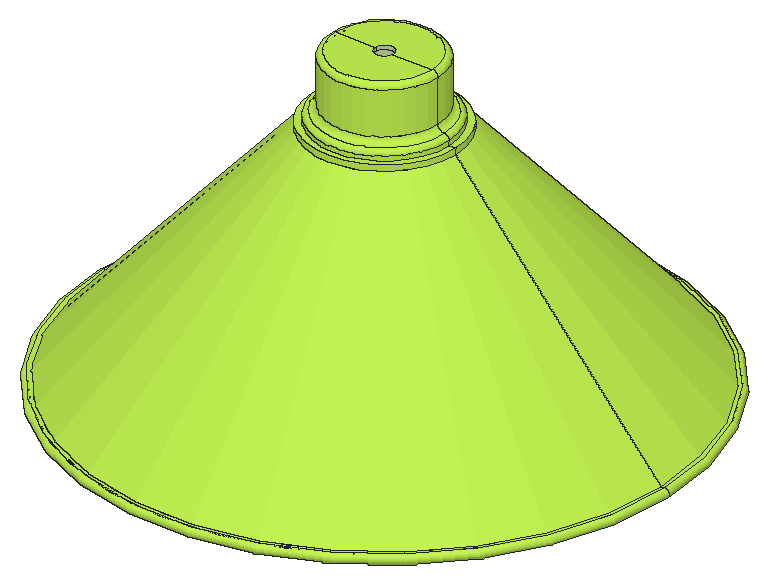
Revit family "CS16 SHADE", category Lighting Fixtures, Revit 2024
Family settings
  Round Connector Dimension = Use Diameter
  Part Type = Normal
  OmniClass Number = 23.80.70.00
  OmniClass Title = Lighting
  Work Plane-Based = No
  Always vertical = Yes
  Cut with Voids When Loaded = No
  Light Source = Yes
  Maintain Annotation Orientation = No
  Shared = No
  Room Calculation Point = No
Parameters
  Wattage = 12.1178 W
  built-in parameter 1150110 = 1 (stored number, unit not read)
  built-in parameter 1114217 = 1 (stored number, unit not read)
  built-in parameter 1150109 = 1 (stored number, unit not read)
  built-in parameter 1150134 = (empty or 0)
  built-in parameter 1150113 = 1 (stored number, unit not read)
  Lumens = 1800 lm
  built-in parameter 1150115 = 1 (stored number, unit not read)
  built-in parameter 1150105 = 572.96 (stored number, unit not read)
  Light Source Symbol Size = 2' - 0"
  built-in parameter 1150137 = (empty or 0)
  built-in parameter 1150139 = (empty or 0)
  built-in parameter 1150112 = 1 (stored number, unit not read)
  built-in parameter 1150114 = 1 (stored number, unit not read)
  built-in parameter 1150132 = 2
  built-in parameter 1150102 = (empty or 0)
  built-in parameter 1150138 = (empty or 0)
  built-in parameter 1150107 = 3000 (stored number, unit not read)
  built-in parameter 1150106 = 5.7296 (stored number, unit not read)
  built-in parameter 1150104 = 13.8 (stored number, unit not read)
  Dimming Lamp Color Temperature Shift = (empty or 0)
  Default Elevation = 0' - 0"
  Color Filter = 16777215
  built-in parameter 1114218 = 1 (stored number, unit not read)
  built-in parameter 1150133 = 10 (stored number, unit not read)
Reference planes (in)
  plane 1 "Light Source Axis (F/B)": y = 0
  plane 2: z = 0
  plane 3 "Light Source Axis (L/R)": x = 0
  plane 4 "Light Source Elevation": z = 84
Forms (in)
  Revolve 1, solid, not visible
    sketch origin (0, 0, 0) x (1, 0, 0) y (0, 0, 1)
      loop
        line (-2.99192, 88.09279) -> (-2.89556, 88.09279) -> (-2.89556, 88.38477) -> (-2.99192, 88.38477) -> (-2.99192, 88.09279)
      axis (-2.89556, 88.09279) -> (-2.99192, 88.09279)
    angle from 0 to 360
  Sweep 2, solid, not visible
    path origin (0, 0, 0) x (1, 0, 0) y (0, 0, 1)
      loop
        arc (-2.97158, 88.08519) -> (-3.96217, 87.55604) -> (-4.35786, 86.505) r 1.59375
        line (-4.35786, 86.505) -> (-4.35786, 85.3018)
    profile origin (-3.96217, 0, 87.55604) x (0.751723, 0, -0.659479) y (0, -1, 0)
      loop
        circle (0, 0) r 0.15625
  Revolve 3, solid, not visible
    sketch origin (0, 0, 0) x (1, 0, 0) y (0, 0, 1)
      loop
        line (-4.84702, 85.01395) -> (-4.61007, 85.21882) -> (-4.67548, 85.29447) -> (-5.07238, 85.7535)
        arc (-5.07238, 85.7535) -> (-5.11657, 85.32649) -> (-4.68956, 85.2823) r 0.30356
        line (-4.68956, 85.2823) -> (-4.91791, 85.08485) -> (-4.84702, 85.01395)
      axis (-4.61007, 85.21882) -> (-5.07238, 85.7535)
    angle from 0 to 360
  Revolve 4, solid
    sketch origin (0, 0, 0) x (1, 0, 0) y (0, 0, 1)
      loop
        line (-2, 90.59445) -> (-7.76158, 84.25) -> (-7.875, 84.25)
        arc (-7.875, 84.25) -> (-7.96399, 84.03722) -> (-7.75001, 84.12329) r 0.125
        line (-7.75001, 84.12329) -> (-1.90625, 90.55824) -> (-1.90625, 90.65625) -> (-1.71825, 90.65625) -> (-1.71825, 90.8714)
        arc (-1.71825, 90.8714) -> (-1.70751, 90.89734) -> (-1.68157, 90.90808) r 0.03668
        arc (-1.68157, 90.90808) -> (-1.48689, 90.98872) -> (-1.40625, 91.1834) r 0.27532
        line (-1.40625, 91.1834) -> (-1.40625, 92.35)
        arc (-1.40625, 92.35) -> (-1.38977, 92.38977) -> (-1.35, 92.40625) r 0.05625
        line (-1.35, 92.40625) -> (-0.25, 92.40625) -> (-0.25, 92.5) -> (-1.35, 92.5)
        arc (-1.35, 92.5) -> (-1.45607, 92.45607) -> (-1.5, 92.35) r 0.15
        line (-1.5, 92.35) -> (-1.5, 91.1834)
        arc (-1.5, 91.1834) -> (-1.55318, 91.05501) -> (-1.68157, 91.00183) r 0.18157
        arc (-1.68157, 91.00183) -> (-1.7738, 90.96363) -> (-1.812, 90.8714) r 0.13043
        line (-1.812, 90.8714) -> (-1.812, 90.75) -> (-2, 90.75) -> (-2, 90.59445)
      axis (0, 92.5) -> (0, 84.12329)
    angle from 0 to 360
Dimensions and locks (in)
  aligned and locked: plane 3 "Light Source Axis (L/R)" to imposter light
  aligned and locked: plane 1 "Light Source Axis (F/B)" to imposter light
  aligned and locked: plane 4 "Light Source Elevation" to imposter light
  aligned and locked: level to plane 2
